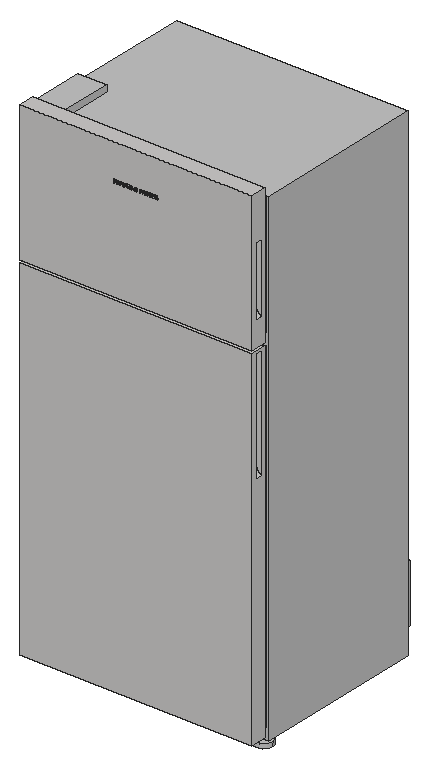
Revit family "FP_Revit_18_RF521TL_Fridges_90001127A", category Specialty Equipment, Revit 2018
Family settings
  Round Connector Dimension = Use Diameter
  Part Type = Normal
  OmniClass Number = 23.40.40.11.11.17
  OmniClass Title = Refrigerator-Freezer
  Work Plane-Based = No
  Always vertical = Yes
  Cut with Voids When Loaded = Yes
  Shared = No
  Room Calculation Point = No
Parameters (values of type "RF521TLPX6")
  Visibility - Clearance Required = yes
  URL = "www.fisherpaykel.com"
  Product - Width = 790 mm  # constant formula
  Product - Height = 1720 mm  # constant formula
  Product - Depth = 695 mm  # constant formula
  Model = "RF521TLPX6"
  Material - Door Structure = Fisher & Paykel - White
  Material - Door Front = Fisher & Paykel - Stainless Steel
  Material - Body = Fisher & Paykel - Grey
  Manufacturer = "Fisher & Paykel Appliances"
  Description = "79cm Freestanding Refrigerator with Bottom Freezer (Stainless)"
  Connector Description - Electrical = "230 V, 10 A, fused electrical supply"
  Chassis - Width = 790 mm  # constant formula
  Chassis - Height = 1662 mm  # constant formula
  Chassis - Depth = 625 mm  # constant formula
  Cavity - Width = 830 mm  # constant formula
  Cavity - Height = 1735 mm  # constant formula
  Cavity - Depth = 625 mm  # constant formula
Types (5, lengths in mm): name | Model | Material - Door Front | Description | Connector Description - Electrical
  (no name) | "RF521TLPX6" | Fisher & Paykel - Stainless Steel | "79cm Freestanding Refrigerator with Bottom Freezer (Stainless)" | "230 V, 10 A, fused electrical supply"
  RF521TLPX6 | "RF521TLPX6" | Fisher & Paykel - Stainless Steel | "79cm Freestanding Refrigerator with Bottom Freezer (Stainless)" | "230 V, 10 A, fused electrical supply"
  RF521TLZX6 | "RF521TLZX6" | Fisher & Paykel - Stainless Steel | "79cm Freestanding Refrigerator with Bottom Freezer (Stainless)" | "230 V, 10 A, fused electrical supply"
  RF521TLZW6 | "RF521TLZW6" | Fisher & Paykel - White | "79cm Freestanding Refrigerator with Bottom Freezer (White)" | "230 V, 10 A, fused electrical supply"
  RF521TLPW6 | "RF521TLPW6" | Fisher & Paykel - White | "79cm Freestanding Refrigerator with Bottom Freezer (White)" | "120 V, 10 A, fused electrical supply"
Reference planes
  plane 1 "Datum": y = 0
  plane 2: z = 0
  plane 3 "Center (Left/Right)": x = 0
  plane 4 "Product LHS": x = -395
  plane 5 "Product RHS": x = 395
  plane 6 "Product - Depth": y = 625
  plane 7 "Cavity LHS": x = -415
  plane 8 "Cavity RHS": x = 415
  plane 9 "Cavity - Depth": y = 625
  plane 10 "Handle Offset": x = 298
  plane 11 "Product Height": z = 1720
  plane 12 "Cavity Height": z = 1735
  plane 13 "Door Panel Front": y = -70
Forms (mm)
  Extrusion 1, solid, material "Fisher & Paykel - Grey" <- "Material - Body"
    sketch origin (0, 0, 0) x (0, 1, 0) y (0, 0, 1)
      loop
        line (0, 24) -> (595, 24) -> (595, 1686) -> (0, 1686) -> (0, 24)
    from -395 to 395
  Extrusion 2, solid, material "Fisher & Paykel - Grey" <- "Material - Body"
    sketch origin (0, 0, 0) x (1, 0, 0) y (0, 1, 0)
      loop
        circle (-365, 18.6) r 4.9
      loop
        circle (365, 18.6) r 4.9
    from 14 to 24
  Extrusion 3, solid, material "Fisher & Paykel - Grey" <- "Material - Body"
    sketch origin (0, 0, 0) x (1, 0, 0) y (0, 1, 0)
      loop
        circle (-365, 18.6) r 30
      loop
        circle (365, 18.6) r 30
    from 0 to 14
  Extrusion 4, solid, material "Fisher & Paykel - Grey" <- "Material - Body"
    sketch origin (0, 0, 0) x (1, 0, 0) y (0, 0, 1)
      loop
        circle (355.042, 69) r 5
    from -615 to -595
  Extrusion 5, solid, material "Fisher & Paykel - White" <- "Material - Door Structure"
    sketch origin (0, 0, 0) x (1, 0, 0) y (0, 1, 0)
      loop
        line (-387, 0) -> (-387, -15) -> (387, -15) -> (387, 0) -> (-387, 0)
    from 1269 to 1680
  Extrusion 6, solid, material "Fisher & Paykel - Stainless Steel" <- "Material - Door Front"
    sketch origin (0, 0, 0) x (1, 0, 0) y (0, 1, 0)
      loop
        line (-395, -15) -> (-395, -70) -> (395, -70) -> (395, -15) -> (-395, -15)
    from 1247 to 1720
  Extrusion 7, solid, material "Fisher & Paykel - Grey" <- "Material - Body", detail levels fine
    sketch origin (0, 0, -4) x (0, 1, 0) y (0, 0, 1)
      loop
        arc (62.091, 28) -> (87.5, 4) -> (112.909, 28) r 25.45
        line (112.909, 28) -> (62.091, 28)
      loop
        arc (503.639, 28) -> (529.047, 4) -> (554.456, 28) r 25.45
        line (554.456, 28) -> (503.639, 28)
    from 325.45 to 342.5
  Extrusion 8, solid, material "Fisher & Paykel - Clearance Required", visible <- "Visibility - Clearance Required", detail levels coarse
    sketch origin (0, 0, 0) x (1, 0, 0) y (0, 1, 0)
      loop
        line (-415, 625) -> (-415, 0) -> (-530, 0) -> (-530, -70) -> (415, -70) -> (415, 625) -> (-415, 625)
    from 0 to 1735
  Extrusion 9, void
    sketch origin (0, 0, 0) x (1, 0, 0) y (0, 1, 0)
      loop
        line (-415, 625) -> (-415, 0) -> (-530, 0) -> (-530, -70) -> (415, -70) -> (415, 625) -> (-415, 625)
    from 0 to 1735
  Extrusion 10, solid, material "Fisher & Paykel - Stainless Steel" <- "Material - Door Front"
    sketch origin (0, 0, 0) x (1, 0, 0) y (0, 1, 0)
      loop
        line (-395, -15) -> (-395, -70) -> (395, -70) -> (395, -15) -> (-395, -15)
    from 40 to 1237
  Extrusion 11, solid, material "Fisher & Paykel - White" <- "Material - Door Structure"
    sketch origin (0, 0, 0) x (1, 0, 0) y (0, 1, 0)
      loop
        line (-387, 0) -> (-387, -15) -> (387, -15) -> (387, 0) -> (-387, 0)
    from 62 to 1229
  Extrusion 12, solid, material "Fisher & Paykel - Grey" <- "Material - Body"
    sketch origin (229.237, 0, 0) x (0, 1, 0) y (0, 0, 1)
      loop
        line (595, 324) -> (595, 94) -> (625, 94) -> (625, 294) -> (595, 324)
    from -604.237 to 145.763
  Extrusion 13, solid, material "Fisher & Paykel - Grey" <- "Material - Body"
    sketch origin (0, 0, 0) x (0, 1, 0) y (0, 0, 1)
      loop
        line (595, 94) -> (595, 24) -> (625, 24) -> (625, 94) -> (595, 94)
    from -375 to 345
  Extrusion 14, solid, material "Fisher & Paykel - Grey" <- "Material - Body", detail levels fine
    sketch origin (0, 0, -4) x (0, 1, 0) y (0, 0, -1)
      loop
        line (62.091, -28) -> (112.909, -28)
        arc (112.909, -28) -> (87.5, -4) -> (62.091, -28) r 25.45
      loop
        line (503.639, -28) -> (554.456, -28)
        arc (554.456, -28) -> (529.047, -4) -> (503.639, -28) r 25.45
    from 325.45 to 342.5
  Extrusion 15, solid, material "Fisher & Paykel - Grey" <- "Material - Body"
    sketch origin (0, 0, 0) x (1, 0, 0) y (0, 1, 0)
      loop
        line (-296.4, 174) -> (-393.4, 174) -> (-393.4, -15) -> (-296.4, -15) -> (-296.4, 174)
    from 1686 to 1708
  Extrusion 16, solid, material "Fisher & Paykel - Clearance Required", visible <- "Visibility - Clearance Required", detail levels coarse
    sketch origin (0, 0, 0) x (1, 0, 0) y (0, 1, 0)
      loop
        line (-460.698, -70) -> (-975.827, -531.456)
        arc (-975.827, -531.456) -> (-135.432, -761.124) -> (395, -70) r 781.226
        line (395, -70) -> (-460.698, -70)
    from 0 to 1735
  Extrusion 17, void
    sketch origin (0, 0, 0) x (1, 0, 0) y (0, 0, 1)
      loop
        arc (395, 1570.451) -> (376.652, 1550.574) -> (370, 1524.354) r 55
        line (370, 1524.354) -> (370, 1376.823)
        arc (370, 1376.823) -> (376.652, 1350.604) -> (395, 1330.726) r 54.999
        line (395, 1330.726) -> (395, 1570.451)
      loop
        arc (395, 1230.725) -> (376.652, 1210.848) -> (370, 1184.628) r 55
        line (370, 1184.628) -> (370, 892.098)
        arc (370, 892.098) -> (376.652, 865.878) -> (395, 846.001) r 54.999
        line (395, 846.001) -> (395, 1230.725)
    from 29 to 56
Cuts and joins
  joined: Extrusion 12, Extrusion 13
  Extrusion 17 cuts Extrusion 1
  Extrusion 17 cuts Extrusion 5
  Extrusion 17 cuts Extrusion 6
  Extrusion 17 cuts Extrusion 10
  Extrusion 17 cuts Extrusion 11
  Extrusion 17 cuts Extrusion 16
Text (mm)
  text "Due to ongoing product development, product details are subject to change without notice. \nPlease always refer to www.fisherpaykel.com for the most current product information. \n© Fisher & Paykel 2020" at (41.04, -848.295, 0), in view "Ref. Level (Plan)"
Dimensions and locks
  equal spacing: plane 4 "Product LHS", plane 3 "Center (Left/Right)", plane 5 "Product RHS"
  "Product - Width": plane 4 "Product LHS" to plane 5 "Product RHS"
  "Chassis - Depth": plane 1 "Datum" to plane 6 "Product - Depth"
  equal spacing: plane 7 "Cavity LHS", plane 3 "Center (Left/Right)", plane 8 "Cavity RHS"
  "Cavity - Width": plane 7 "Cavity LHS" to plane 8 "Cavity RHS"
  "Cavity - Depth": plane 9 "Cavity - Depth" to plane 1 "Datum"
  plane 4 "Product LHS" to plane 10 "Handle Offset" = 693 mm
  Extrusion 4 sketch curve to plane 5 "Product RHS" = 39.958 mm
  Extrusion 3 to level = 14 mm
  "Product - Height": level to plane 11 "Product Height"
  Extrusion 1 sketch curve to plane 11 "Product Height" = 34 mm
  "Cavity - Height": plane 12 "Cavity Height" to level
  "Product - Depth": plane 6 "Product - Depth" to cut or joined group of Extrusion 16, Extrusion 17
  "Chassis - Width": cut or joined group of Extrusion 1, Extrusion 17 to cut or joined group of Extrusion 1, Extrusion 17
  "Chassis - Height": cut or joined group of Extrusion 1, Extrusion 17 to cut or joined group of Extrusion 1, Extrusion 17
  plane 11 "Product Height" to nested 1 = 124 mm
  radius of Extrusion 4 sketch curve = 5 mm
  aligned and locked: level to plane 2
  aligned and locked: Extrusion 1 to plane 5 "Product RHS"
  aligned and locked: plane 4 "Product LHS" to Extrusion 1
  aligned and locked: Extrusion 6 sketch curve to plane 4 "Product LHS"
  aligned and locked: plane 5 "Product RHS" to Extrusion 6 sketch curve
  aligned and locked: Extrusion 1 sketch curve to plane 1 "Datum"
  aligned and locked: Extrusion 13 sketch curve to plane 6 "Product - Depth"
  aligned and locked: Extrusion 4 to Extrusion 1
  aligned and locked: Extrusion 15 to Extrusion 1
  aligned and locked: Extrusion 16 to plane 12 "Cavity Height"
  aligned and locked: Extrusion 9 sketch curve to plane 1 "Datum"
  aligned and locked: plane 5 "Product RHS" to Extrusion 17 sketch curve  (x2)
  aligned and locked: Extrusion 8 to Extrusion 9
Automatic sketch dimensions
  Extrusion 1 sketch curve to plane 6 "Product - Depth" = 30 mm
  level to Extrusion 1 sketch curve = 24 mm
  level to Extrusion 4 sketch curve = 69 mm
  plane 1 "Datum" to Extrusion 5 sketch curve = 0 mm
  Extrusion 5 sketch curve to plane 4 "Product LHS" = 8 mm
  plane 5 "Product RHS" to Extrusion 5 sketch curve = 8 mm
  plane 1 "Datum" to Extrusion 5 sketch curve = 15 mm
  plane 1 "Datum" to Extrusion 6 sketch curve = 70 mm
  plane 1 "Datum" to Extrusion 6 sketch curve = 15 mm
  level to Extrusion 7 sketch curve = 24 mm  (x2)
  Extrusion 7 sketch curve to plane 1 "Datum" = 62.091 mm
  Extrusion 7 sketch curve to Extrusion 7 sketch curve = 25.409 mm  (x2)
  Extrusion 7 sketch curve to plane 6 "Product - Depth" = 121.361 mm
  Extrusion 7 sketch curve to Extrusion 7 sketch curve = 1.45 mm  (x2)
  Extrusion 10 sketch curve to plane 4 "Product LHS" = 0 mm
  Extrusion 10 sketch curve to plane 5 "Product RHS" = 0 mm
  plane 1 "Datum" to Extrusion 10 sketch curve = 70 mm
  plane 1 "Datum" to Extrusion 10 sketch curve = 15 mm
  plane 1 "Datum" to Extrusion 11 sketch curve = 0 mm
  Extrusion 11 sketch curve to plane 4 "Product LHS" = 8 mm
  plane 5 "Product RHS" to Extrusion 11 sketch curve = 8 mm
  plane 1 "Datum" to Extrusion 11 sketch curve = 15 mm
  Extrusion 12 sketch curve to plane 6 "Product - Depth" = 0 mm
  Extrusion 12 sketch curve to plane 6 "Product - Depth" = 30 mm
  level to Extrusion 12 sketch curve = 94 mm
  Extrusion 12 sketch curve to Extrusion 12 sketch curve = 200 mm
  Extrusion 12 sketch curve to Extrusion 12 sketch curve = 30 mm
  Extrusion 13 sketch curve to Extrusion 13 sketch curve = 30 mm
  level to Extrusion 13 sketch curve = 24 mm
  Extrusion 13 sketch curve to Extrusion 13 sketch curve = 70 mm
  level to Extrusion 14 sketch curve = 24 mm  (x2)
  Extrusion 14 sketch curve to plane 1 "Datum" = 62.091 mm
  Extrusion 14 sketch curve to Extrusion 14 sketch curve = 25.409 mm  (x2)
  Extrusion 14 sketch curve to plane 6 "Product - Depth" = 121.361 mm
  level to Extrusion 14 sketch curve = 25.45 mm
  Extrusion 14 sketch curve to Extrusion 14 sketch curve = 1.45 mm
  Extrusion 3 sketch curve to plane 4 "Product LHS" = 30 mm
  plane 5 "Product RHS" to Extrusion 3 sketch curve = 30 mm
  Extrusion 3 sketch curve to plane 1 "Datum" = 18.6 mm  (x2)
  Extrusion 2 sketch curve to plane 4 "Product LHS" = 30 mm
  plane 5 "Product RHS" to Extrusion 2 sketch curve = 30 mm
  Extrusion 2 sketch curve to plane 1 "Datum" = 18.6 mm  (x2)
  Extrusion 15 sketch curve to plane 4 "Product LHS" = 1.6 mm
  plane 1 "Datum" to Extrusion 15 sketch curve = 15 mm
  Extrusion 15 sketch curve to Extrusion 15 sketch curve = 97 mm
  Extrusion 15 sketch curve to plane 1 "Datum" = 174 mm
  plane 7 "Cavity LHS" to Extrusion 16 sketch curve = 560.827 mm
  plane 7 "Cavity LHS" to Extrusion 16 sketch curve = 45.698 mm
  Extrusion 16 sketch curve to plane 4 "Product LHS" = 10.329 mm
  Extrusion 16 sketch curve to plane 5 "Product RHS" = 0 mm
  plane 1 "Datum" to Extrusion 16 sketch curve = 531.456 mm
  Extrusion 9 sketch curve to plane 7 "Cavity LHS" = 0 mm
  Extrusion 9 sketch curve to plane 9 "Cavity - Depth" = 0 mm
  plane 7 "Cavity LHS" to Extrusion 9 sketch curve = 115 mm
  plane 1 "Datum" to Extrusion 16 sketch curve = 70 mm
  plane 5 "Product RHS" to Extrusion 17 sketch curve = 25 mm  (x2)
  Extrusion 17 sketch curve to plane 8 "Cavity RHS" = 9.999 mm  (x2)
  Extrusion 17 sketch curve to plane 8 "Cavity RHS" = 10 mm  (x2)
  level to Extrusion 17 sketch curve = 846.001 mm
  Extrusion 17 sketch curve to Extrusion 17 sketch curve = 292.53 mm
  Extrusion 17 sketch curve to Extrusion 17 sketch curve = 100.001 mm
  Extrusion 17 sketch curve to Extrusion 17 sketch curve = 147.531 mm
  plane 1 "Datum" to Extrusion 9 sketch curve = 70 mm
  Extrusion 9 sketch curve to plane 8 "Cavity RHS" = 0 mm
  plane 1 "Datum" to Extrusion 8 sketch curve = 0 mm
  Extrusion 8 sketch curve to plane 6 "Product - Depth" = 0 mm
  Extrusion 8 sketch curve to plane 7 "Cavity LHS" = 0 mm
  Extrusion 8 sketch curve to plane 8 "Cavity RHS" = 0 mm
  plane 7 "Cavity LHS" to Extrusion 8 sketch curve = 115 mm
  plane 1 "Datum" to Extrusion 8 sketch curve = 70 mm
  radius of Extrusion 3 sketch curve = 30 mm  (x2)
  radius of Extrusion 2 sketch curve = 4.9 mm  (x2)
Nested families
  nested 1: "F&P Logo 150mm" at (0, -70, 1596), type "F&P Logo 150mm"
Connectors
  electrical at (355.042, 615, 69), driven by "Connector Description - Electrical"
    settings: on Extrusion 4, index 2, voltage 230 V, apparent load 0 VA, apparent load phase1 0 VA, apparent load phase2 0 VA, apparent load phase3 0 VA, power factor 1, load classification "Other", number of poles 1, system type 30, power factor state 1, is connector primary yes, connector utility no, sub classification motor no, connector description "230 V, 10 A, fused electrical supply"
Definition of nested family "F&P Logo 150mm"
  Parameters (values of type "F&P Logo 150mm")
    URL = "www.fisherpaykel.com"
    Material - Logo = none
    Manufacturer = "Fisher & Paykel Appliances"
  Reference planes
    plane 1 "Center (Front/Back)": y = 0
    plane 2: z = 0
    plane 3 "Center (Left/Right)": x = 0
  Forms (mm)
    Extrusion 1, solid, material <- "Material - Logo", detail levels fine
      sketch origin (0, 0, 0) x (1, 0, 0) y (0, 0, 1)
        loop
          line (-74.994, 0) -> (-72.633, 0) -> (-72.633, 3.207) -> (-68.944, 3.207) -> (-68.944, 5.208) -> (-72.633, 5.208) -> (-72.633, 7.068) -> (-68.62, 7.068) -> (-68.62, 9.06) -> (-74.994, 9.06) -> (-74.994, 0)
        loop
          line (-64.134, 9.06) -> (-64.134, 0) -> (-61.773, 0) -> (-61.773, 9.06) -> (-64.134, 9.06)
        loop
          line (-46.015, 9.06) -> (-46.015, 0) -> (-43.654, 0) -> (-43.654, 3.63) -> (-40.187, 3.63) -> (-40.187, 0) -> (-37.826, 0) -> (-37.826, 9.06) -> (-40.187, 9.06) -> (-40.187, 5.622) -> (-43.654, 5.622) -> (-43.654, 9.06) -> (-46.015, 9.06)
        loop
          line (-32.787, 9.06) -> (-32.787, 0) -> (-26.332, 0) -> (-26.332, 1.992) -> (-30.448, 1.992) -> (-30.448, 3.63) -> (-26.686, 3.63) -> (-26.686, 5.622) -> (-30.448, 5.622) -> (-30.448, 7.068) -> (-26.332, 7.068) -> (-26.332, 9.06) -> (-32.787, 9.06)
        loop
          line (68.572, 9.06) -> (68.572, 0) -> (75.006, 0) -> (75.006, 1.992) -> (70.933, 1.992) -> (70.933, 9.06) -> (68.572, 9.06)
        loop
          line (63.719, 9.06) -> (57.241, 9.06) -> (57.241, 0) -> (63.719, 0) -> (63.719, 1.992) -> (59.602, 1.992) -> (59.602, 3.63) -> (63.364, 3.63) -> (63.364, 5.622) -> (59.602, 5.622) -> (59.602, 7.068) -> (63.719, 7.068) -> (63.719, 9.06)
        loop
          line (50.248, 4.722) -> (53.597, 9.06) -> (50.837, 9.06) -> (47.945, 5.313) -> (47.945, 9.06) -> (45.585, 9.06) -> (45.585, 0) -> (47.945, 0) -> (47.945, 4.058) -> (50.926, 0) -> (53.716, 0) -> (50.248, 4.722)
        loop
          line (33.043, 9.06) -> (36.466, 3.63) -> (36.466, 0) -> (38.827, 0) -> (38.827, 3.511) -> (42.25, 9.06) -> (39.742, 9.06) -> (37.721, 5.561) -> (35.701, 9.06) -> (33.043, 9.06)
        loop
          line (27.79, 9.06) -> (25.547, 9.06) -> (21.858, 0) -> (24.175, 0) -> (24.824, 1.668) -> (28.454, 1.668) -> (29.103, 0) -> (31.479, 0) -> (27.79, 9.06)
        loop
          line (27.671, 3.659) -> (26.612, 6.261) -> (25.599, 3.659) -> (27.671, 3.659)
        loop
          line (12.119, 9.06) -> (12.119, 0) -> (14.48, 0) -> (14.48, 2.907) -> (15.971, 2.907)
          arc (15.971, 2.907) -> (19.048, 5.983) -> (15.971, 9.06) r 3.077
          line (15.971, 9.06) -> (12.119, 9.06)
        loop
          line (14.48, 7.068) -> (14.48, 4.796) -> (15.824, 4.796)
          arc (15.824, 4.796) -> (16.96, 5.932) -> (15.824, 7.068) r 1.136
          line (15.824, 7.068) -> (14.48, 7.068)
        loop
          line (-17.602, 9.06) -> (-21.477, 9.06) -> (-21.477, 0) -> (-19.116, 0) -> (-19.116, 2.522) -> (-18.311, 2.522) -> (-16.387, 0) -> (-13.657, 0) -> (-15.969, 2.959)
          arc (-15.969, 2.959) -> (-14.445, 6.636) -> (-17.602, 9.06) r 3.269
        loop
          line (-17.774, 7.068) -> (-19.116, 7.068) -> (-19.116, 4.579) -> (-17.774, 4.579)
          arc (-17.774, 4.579) -> (-16.529, 5.823) -> (-17.774, 7.068) r 1.244
        loop
          line (0.788, 7.068) -> (0.788, 9.229) -> (-5.291, 9.229) -> (-5.291, 7.276) -> (-4.389, 6.167)
          arc (-4.389, 6.167) -> (-5.193, 1.025) -> (0.005, 0.768) r 3.5
          line (0.005, 0.768) -> (0.63, 0) -> (3.308, 0) -> (1.362, 2.391) -> (3.12, 4.924) -> (0.694, 4.924) -> (0.053, 4) -> (-2.443, 7.068) -> (0.788, 7.068)
        loop
          arc (-3.116, 4.603) -> (-3.331, 2.502) -> (-1.23, 2.286) r 1.493
          line (-1.23, 2.286) -> (-3.116, 4.603)
        loop
          line (-52.698, 5.451) -> (-54.701, 5.866)
          arc (-54.701, 5.866) -> (-55.501, 6.665) -> (-54.701, 7.465) r 0.799
          arc (-54.701, 7.465) -> (-52.78, 7.185) -> (-51.017, 6.371) r 6.757
          line (-51.017, 6.371) -> (-51.017, 8.615)
          arc (-51.017, 8.615) -> (-53.252, 9.269) -> (-55.578, 9.164) r 7.089
          arc (-55.578, 9.164) -> (-57.732, 6.502) -> (-55.578, 3.841) r 2.721
          line (-55.578, 3.841) -> (-53.559, 3.423)
          arc (-53.559, 3.423) -> (-52.76, 2.623) -> (-53.559, 1.824) r 0.799
          arc (-53.559, 1.824) -> (-55.481, 2.103) -> (-57.244, 2.917) r 6.757
          line (-57.244, 2.917) -> (-57.244, 0.674)
          arc (-57.244, 0.674) -> (-55.009, 0.02) -> (-52.682, 0.125) r 7.089
          arc (-52.682, 0.125) -> (-50.529, 2.795) -> (-52.698, 5.451) r 2.721
      from 0 to 0.8
  Dimensions and locks
    aligned and locked: level to plane 2
